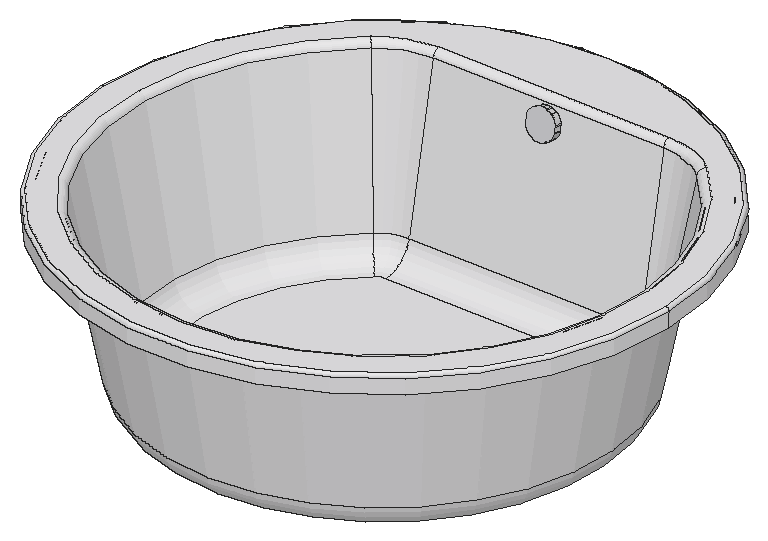
Revit family "Bath-Drop_In-KOHLER-SAPPHIRE_ROUND-K-18744T", category Plumbing Fixtures, host Face, Revit 2017
Family settings
  Host = Face
  Round Connector Dimension = Use Diameter
  Part Type = Normal
  OmniClass Number = 23.31.15.00
  OmniClass Title = Bathtubs
  Cut with Voids When Loaded = No
  Shared = No
  Room Calculation Point = No
Parameters (values of type "0-White")
  Width = 57 123/256"  # constant formula
  WaterSense Certified = 1 = 0  # no
  Waste Water Outlet = "Waste Water Outlet"  # constant formula
  Waste Connection = 1 = 1  # yes
  Vent Connection = 1 = 0  # no
  URL = "http://www.kohler.com.cn/"
  Type = 1
  Product Page URL = "https://www.kohler.com.cn/product/K-18744T-0/K-18744T-0/"
  Product Name = "SAPPHIRE ROUND"  # constant formula
  Product Documentation Link = "https://files.kohler.com.cn/pdfs/1486605754110_RI_18744T.pdf"
  Model = "K-18744T-0"  # constant formula
  Material = "Acrylic"  # constant formula
  Master Format 2014 Name = "Residential Bathtubs"  # constant formula
  Master Format 2014 = "22 41 19"  # constant formula
  Manufacturer Address = "Kohler Beijing Office (100016)36-2-03-B, No. 88, Liuxiang Road, Beijing"  # constant formula
  Manufacturer = "KOHLER Co."  # constant formula
  Length = 57 123/256"  # constant formula
  Hot Water Inlet = "Hot Water Inlet"  # constant formula
  Height = 19 3/32"  # constant formula
  HW Connection = 1 = 0  # no
  Finish = KOHLER-Acrylic-0-White
  Environmental Product Declaration = ""
  Drain Included = 1 = 1  # yes
  Description = " Sophie round acrylic bathtub (with drain)\r\n"  # constant formula
  Default Elevation = 0"
  Declare Label = ""
  Date Modified = "03/22/2021"  # constant formula
  Date Created = "03/22/2021"  # constant formula
  Copyright = "Copyright KOHLER Co."  # constant formula
  Contact Us = "http://www.kohler.com.cn/contact/contact-us/"
  Cold Water Inlet = "Cold Water Inlet"  # constant formula
  CW Connection = 1 = 0  # no
  Assembly Code = "D2010500"
  ADA Compliant = 1 = 0  # no
Reference planes (in)
  plane 1 "Center (Front/Back)": y = 0
  plane 2: z = 0
  plane 3 "Center (Left/Right)": x = 0
  plane 4: y = 28.73077
  plane 5: x = 28.74016
  plane 6: x = 25.84252
  plane 7: y = 21.4729
  plane 8: y = 17.68747
  plane 9: y = -22.03694
  plane 10: y = -25.84993
  plane 11: y = -28.74969
  plane 12: x = -28.74031
  plane 13: x = -25.84252
  plane 14: x = 21.91016
  plane 15: x = -21.91016
  plane 16: z = 1.81102
  plane 17: z = -17.28273
Forms (in)
  Extrusion 1, void
    sketch origin (0, 0, 0) x (1, 0, 0) y (0, 1, 0)
      loop
        circle (0, -0.00938) r 25.75
    from -17.28346 to 12
Dimensions and locks (in)
  "Width": plane 12 to plane 5
  "Width": plane 11 to plane 4
  "Height": plane 16 to plane 17
  aligned and locked: plane 2 to host face
  aligned and locked: level to host face
Automatic sketch dimensions
  host sketch curve to host sketch curve = 96"  (x2)
  Extrusion 1 sketch curve to plane 3 "Center (Left/Right)" = 0"
  plane 1 "Center (Front/Back)" to Extrusion 1 sketch curve = 0.00938"
  radius of Extrusion 1 sketch curve = 25 3/4"
Nested families (in)
  nested 1: "K-18744T" at (0, -0.00938, -17.28346), type "K-18744T"
Connectors (in)
  piping at (0, -0.00938, -17.1811), diameter 1.96875, driven by "Waste Connection", driven by "Waste Water Outlet"
    settings: on nested 1, index 1, connector inside diameter 24", connector length 0", flow factor 0, pipe flow 0 GPM, pressure drop 0.00 psi, fitting loss kfactor 0, connector angle 0.00°, fixture units 0, engagement length 0", angle of deflection 0.00°, flow configuration 0, flow direction 2, fitting loss method 0, system type 16, joint type 0, gender type 0, connector reference index -1, connector utility 1, adjustable connector no, is connector primary yes, connector description "Waste Water Outlet"
Definition of nested family "K-18744T"
  Parameters (values of type "K-18744T")
    material = none
  Reference planes (in)
    plane 1 "Center (Front/Back)": y = 0
    plane 2: z = 0
    plane 3 "Center (Left/Right)": x = 0
    plane 4: x = -28.74016
    plane 5: y = 28.74016
    plane 6: y = -28.74016
    plane 7: x = 28.74016
    plane 8: y = -25.84055
    plane 9: y = 21.48228
    plane 10: y = -22.02756
    plane 11: y = 17.69685
    plane 12: x = 25.84252
    plane 13: x = -25.84252
    plane 14: z = 19.09449
    plane 15: z = 17.28346
  Forms (in)
    Sweep 1, solid, material <- "material", detail levels medium+fine
      path origin (0, 0, 0) x (1, 0, 0) y (0, 1, 0)
        loop
          arc (-14.47102, 16.63342) -> (0, -22.04724) -> (14.47102, 16.63342) r 22.04724
          arc (14.47102, 16.63342) -> (13.14596, 17.42229) -> (11.62849, 17.69685) r 4.33071
          line (11.62849, 17.69685) -> (-11.62849, 17.69685)
          arc (-11.62849, 17.69685) -> (-13.14596, 17.42229) -> (-14.47102, 16.63342) r 4.33071
      profile origin (0, -22.04724, 0) x (0, 1, 0) y (0, 0, 1)
        loop
          arc (-3.00382, 18.46263) -> (-3.27695, 18.91638) -> (-3.77571, 19.09449) r 0.7874
          line (-3.77571, 19.09449) -> (-3.98377, 19.09449) -> (-3.98377, 18.85827) -> (-3.85764, 18.85827)
          arc (-3.85764, 18.85827) -> (-3.457, 18.7152) -> (-3.23761, 18.35071) r 0.6325
          line (-3.23761, 18.35071) -> (-0.23507, 3.45037)
          arc (-0.23507, 3.45037) -> (0.87798, 1.59786) -> (2.91152, 0.86616) r 3.22037
          line (2.91152, 0.86616) -> (2.91152, 1.10236)
          arc (2.91152, 1.10236) -> (1.04116, 1.77027) -> (0.01694, 3.47184) r 2.95276
          line (0.01694, 3.47184) -> (-3.00382, 18.46263)
    Sweep 2, solid, material <- "material", detail levels medium+fine
      path origin (0, 0, 0) x (1, 0, 0) y (0, 1, 0)
        loop
          circle (0, 0) r 26.03101
      profile origin (26.03101, 0, 0) x (-1, 0, 0) y (0, 0, 1)
        loop
          line (-2.70915, 17.28346) -> (-1.69193, 17.28346) -> (-1.69193, 19.09449) -> (-2.3745, 19.09449)
          arc (-2.3745, 19.09449) -> (-2.61113, 18.99647) -> (-2.70915, 18.75984) r 0.33465
          line (-2.70915, 18.75984) -> (-2.70915, 17.28346)
    Extrusion 3, solid, material <- "material", detail levels medium+fine
      sketch origin (0, 0, 0) x (1, 0, 0) y (0, 1, 0)
        loop
          circle (0, 0) r 27.72294
        loop
          line (11.62849, 21.68062) -> (-11.62849, 21.68062)
          arc (-11.62849, 21.68062) -> (-14.54186, 21.15349) -> (-17.08582, 19.63895) r 8.31448
          arc (-17.08582, 19.63895) -> (0, -26.03101) -> (17.08582, 19.63895) r 26.03101
          arc (17.08582, 19.63895) -> (14.54186, 21.15349) -> (11.62849, 21.68062) r 8.31448
      from 18.85827 to 19.09449
    Extrusion 4, solid, material <- "material", detail levels medium+fine
      sketch origin (0, 0, 0) x (1, 0, 0) y (0, 1, 0)
        loop
          arc (-11.62849, 14.78533) -> (-12.12577, 14.69536) -> (-12.56, 14.43684) r 1.41919
          arc (-12.56, 14.43684) -> (0, -19.13573) -> (12.56, 14.43684) r 19.13573
          arc (12.56, 14.43684) -> (12.12577, 14.69536) -> (11.62849, 14.78533) r 1.41919
          line (11.62849, 14.78533) -> (-11.62849, 14.78533)
      from 0.86616 to 1.10236
    Extrusion 5, solid, detail levels medium+fine
      sketch origin (0, -2.04155, 7.09004) x (1, 0, 0) y (0, 0.173648, 0.984808)
        loop
          arc (0.39122, 14.95458) -> (0.20985, 14.99134) -> (0.02535, 15.00572) r 1.51575
          arc (0.02535, 15.00572) -> (-0.18471, 14.99464) -> (-0.39122, 14.95458) r 1.51575
          arc (-0.39122, 14.95458) -> (-0.43068, 14.93933) -> (-0.46598, 14.916) r 0.19685
          arc (-0.46598, 14.916) -> (-0.66137, 14.78761) -> (-0.88012, 14.70511) r 1.0613
          arc (-0.88012, 14.70511) -> (-0.91918, 14.6905) -> (-0.95421, 14.66789) r 0.19399
          arc (-0.95421, 14.66789) -> (-1.27006, 14.31749) -> (-1.46289, 13.88696) r 1.51575
          arc (-1.46289, 13.88696) -> (-1.4697, 13.84003) -> (-1.46509, 13.79283) r 0.19685
          arc (-1.46509, 13.79283) -> (-1.44035, 13.53196) -> (-1.48017, 13.27296) r 1.06299
          arc (-1.48017, 13.27296) -> (-1.48751, 13.22611) -> (-1.48343, 13.17886) r 0.19685
          arc (-1.48343, 13.17886) -> (-1.3377, 12.77742) -> (-1.08578, 12.43256) r 1.51575
          arc (-1.08578, 12.43256) -> (-1.05323, 12.40564) -> (-1.01568, 12.38628) r 0.19685
          arc (-1.01568, 12.38628) -> (-0.80848, 12.2788) -> (-0.62973, 12.1287) r 1.06299
          arc (-0.62973, 12.1287) -> (-0.59745, 12.10145) -> (-0.5601, 12.08172) r 0.19685
          arc (-0.5601, 12.08172) -> (-0.20297, 11.98809) -> (0.1662, 11.98358) r 1.51575
          arc (0.1662, 11.98358) -> (0.36645, 12.0194) -> (0.5601, 12.08172) r 1.51575
          arc (0.5601, 12.08172) -> (0.59745, 12.10145) -> (0.62973, 12.1287) r 0.19685
          arc (0.62973, 12.1287) -> (0.80848, 12.2788) -> (1.01568, 12.38628) r 1.06299
          arc (1.01568, 12.38628) -> (1.05323, 12.40564) -> (1.08578, 12.43256) r 0.19685
          arc (1.08578, 12.43256) -> (1.3377, 12.77742) -> (1.48343, 13.17886) r 1.51575
          arc (1.48343, 13.17886) -> (1.48751, 13.22611) -> (1.48017, 13.27296) r 0.19685
          arc (1.48017, 13.27296) -> (1.44035, 13.53196) -> (1.46509, 13.79283) r 1.06299
          arc (1.46509, 13.79283) -> (1.4697, 13.84003) -> (1.46289, 13.88696) r 0.19685
          arc (1.46289, 13.88696) -> (1.27006, 14.31749) -> (0.95421, 14.66789) r 1.51575
          arc (0.95421, 14.66789) -> (0.91918, 14.6905) -> (0.88012, 14.70511) r 0.19399
          arc (0.88012, 14.70511) -> (0.66137, 14.78761) -> (0.46598, 14.916) r 1.0613
          arc (0.46598, 14.916) -> (0.43068, 14.93933) -> (0.39122, 14.95458) r 0.19685
      from -20.51968 to -19.72341
    Revolve 6, solid, material <- "material", detail levels medium+fine
      sketch origin (0, 0, 0) x (0, 1, 0) y (0, 0, 1)
        loop
          line (12.04633, 0.86616) -> (12.04633, 0) -> (12.20659, 0) -> (12.20659, 0.86616) -> (12.04633, 0.86616)
        axis (11.03748, 0.86616) -> (11.03748, 0)
      angle from 0 to 360
    Revolve 7, solid, material <- "material", detail levels medium+fine
      sketch origin (-14.45814, -2.70676, 0) x (0, 1, 0) y (0, 0, 1)
        loop
          line (12.04633, 0.86616) -> (12.04633, 0) -> (12.20659, 0) -> (12.20659, 0.86616) -> (12.04633, 0.86616)
        axis (11.03748, 0.86616) -> (11.03748, 0)
      angle from 0 to 360
    Revolve 8, solid, material <- "material", detail levels medium+fine
      sketch origin (-14.46889, -19.38777, 0) x (0, 1, 0) y (0, 0, 1)
        loop
          line (12.04633, 0.86616) -> (12.04633, 0) -> (12.20659, 0) -> (12.20659, 0.86616) -> (12.04633, 0.86616)
        axis (11.03748, 0.86616) -> (11.03748, 0)
      angle from 0 to 360
    Revolve 9, solid, material <- "material", detail levels medium+fine
      sketch origin (0, -5.65945, 0) x (0, -1, 0) y (0, 0, 1)
        loop
          line (12.04633, 0.86616) -> (12.04633, 0) -> (12.20659, 0) -> (12.20659, 0.86616) -> (12.04633, 0.86616)
        axis (11.03748, 0.86616) -> (11.03748, 0)
      angle from 0 to 360
    Revolve 10, solid, material <- "material", detail levels medium+fine
      sketch origin (14.45814, -2.70676, 0) x (0, 1, 0) y (0, 0, -1)
        loop
          line (12.04633, -0.86616) -> (12.20659, -0.86616) -> (12.20659, 0) -> (12.04633, 0) -> (12.04633, -0.86616)
        axis (11.03748, -0.86616) -> (11.03748, 0)
      angle from 0 to 360
    Revolve 11, solid, material <- "material", detail levels medium+fine
      sketch origin (14.46889, -19.38777, 0) x (0, 1, 0) y (0, 0, -1)
        loop
          line (12.04633, -0.86616) -> (12.20659, -0.86616) -> (12.20659, 0) -> (12.04633, 0) -> (12.04633, -0.86616)
        axis (11.03748, -0.86616) -> (11.03748, 0)
      angle from 0 to 360
    Revolve 12, solid, detail levels medium+fine
      sketch origin (0, 0, 0) x (0, 1, 0) y (0, 0, 1)
        loop
          line (0, 0) -> (0, 2.13616)
          arc (0, 2.13616) -> (-0.50608, 2.0952) -> (-0.99968, 1.97624) r 3.26383
          arc (-0.99968, 1.97624) -> (-1.01369, 1.95336) -> (-0.99329, 1.93593) r 0.02066
          line (-0.99329, 1.93593) -> (-0.56894, 1.93593) -> (-0.56894, 1.75877) -> (-0.62586, 1.75877) -> (-0.62586, 1.68003) -> (-0.16034, 1.68003) -> (-0.16034, 0.65466) -> (-0.79878, 0.65466)
          arc (-0.79878, 0.65466) -> (-0.81551, 0.66108) -> (-0.82365, 0.67705) r 0.02501
          line (-0.82365, 0.67705) -> (-0.84187, 0.85041)
          arc (-0.84187, 0.85041) -> (-0.87453, 0.92126) -> (-0.94357, 0.95758) r 0.12135
          line (-0.94357, 0.95758) -> (-1.34282, 1.02082)
          arc (-1.34282, 1.02082) -> (-1.36742, 1.00294) -> (-1.34955, 0.97835) r 0.0215
          line (-1.34955, 0.97835) -> (-0.95249, 0.91546)
          arc (-0.95249, 0.91546) -> (-0.90916, 0.8929) -> (-0.88812, 0.8488) r 0.07699
          line (-0.88812, 0.8488) -> (-0.87474, 0.73981) -> (-1.17823, 0.73981)
          arc (-1.17823, 0.73981) -> (-1.29939, 0.7624) -> (-1.40427, 0.82712) r 0.33625
          arc (-1.40427, 0.82712) -> (-1.51046, 0.90267) -> (-1.63146, 0.95108) r 0.54945
          line (-1.63146, 0.95108) -> (-1.63146, 0.91826)
          arc (-1.63146, 0.91826) -> (-1.50753, 0.86386) -> (-1.39755, 0.78498) r 0.65019
          arc (-1.39755, 0.78498) -> (-1.2979, 0.7246) -> (-1.1833, 0.70355) r 0.32256
          line (-1.1833, 0.70355) -> (-0.87142, 0.70355) -> (-0.86245, 0.6527)
          arc (-0.86245, 0.6527) -> (-0.84534, 0.62306) -> (-0.81318, 0.61135) r 0.05003
          line (-0.81318, 0.61135) -> (-0.75428, 0.61135) -> (-0.75428, 0.5523) -> (-0.16034, 0.5523) -> (-0.16034, 0.36896) -> (-0.08983, 0.36896) -> (-0.08983, 0.10236) -> (-0.15727, 0.10236) -> (-0.15727, 0) -> (0, 0)
        axis (0, 2.13616) -> (0, 0)
      angle from 0 to 360
    Revolve 13, void
      sketch origin (0, 0, 0) x (0, 1, 0) y (0, 0, 1)
        loop
          line (-1.24853, 0.93977) -> (-1.11072, 0.93977)
          arc (-1.11072, 0.93977) -> (-1.02404, 0.93268) -> (-0.93966, 0.91161) r 0.53354
          arc (-0.93966, 0.91161) -> (-0.89553, 0.87558) -> (-0.88592, 0.81943) r 0.08123
          line (-0.88592, 0.81943) -> (0, 0.81943) -> (0, 1.10873) -> (-1.58751, 1.10873)
          arc (-1.58751, 1.10873) -> (-1.47175, 1.08418) -> (-1.38133, 1.00784) r 0.24289
          arc (-1.38133, 1.00784) -> (-1.32314, 0.95778) -> (-1.24853, 0.93977) r 0.16358
        axis (0, 1.10873) -> (0, 0.81943)
      angle from 0 to 360
    Extrusion 14, void
      sketch origin (0, 0, 0) x (1, 0, 0) y (0, 1, 0)
        loop
          line (0.05306, 0.57541) -> (0.05265, 0.38945)
          arc (0.05265, 0.38945) -> (0.06731, 0.34353) -> (0.10598, 0.31475) r 0.07874
          arc (0.10598, 0.31475) -> (0.16388, 0.28789) -> (0.21486, 0.24947) r 0.30239
          arc (0.21486, 0.24947) -> (0.25958, 0.22878) -> (0.30784, 0.23872) r 0.07874
          line (0.30784, 0.23872) -> (0.47286, 0.33351)
          arc (0.47286, 0.33351) -> (0.51178, 0.39212) -> (0.48833, 0.45844) r 0.07874
          arc (0.48833, 0.45844) -> (0.33268, 0.57546) -> (0.1532, 0.65102) r 0.7929
          arc (0.1532, 0.65102) -> (0.08435, 0.63809) -> (0.05306, 0.57541) r 0.07874
        loop
          arc (0.05306, -0.57541) -> (0.08435, -0.63809) -> (0.1532, -0.65102) r 0.07874
          arc (0.1532, -0.65102) -> (0.33268, -0.57546) -> (0.48833, -0.45844) r 0.7929
          arc (0.48833, -0.45844) -> (0.51178, -0.39212) -> (0.47286, -0.33351) r 0.07874
          line (0.47286, -0.33351) -> (0.30784, -0.23872)
          arc (0.30784, -0.23872) -> (0.25958, -0.22878) -> (0.21486, -0.24947) r 0.07874
          arc (0.21486, -0.24947) -> (0.16388, -0.28789) -> (0.10598, -0.31475) r 0.30239
          arc (0.10598, -0.31475) -> (0.06731, -0.34353) -> (0.05265, -0.38945) r 0.07874
          line (0.05265, -0.38945) -> (0.05306, -0.57541)
        loop
          line (0.54163, 0.24222) -> (0.37829, 0.15333)
          arc (0.37829, 0.15333) -> (0.34504, 0.11843) -> (0.33835, 0.07069) r 0.07874
          arc (0.33835, 0.07069) -> (0.34257, 0.007) -> (0.33333, -0.05616) r 0.30239
          arc (0.33333, -0.05616) -> (0.33664, -0.10532) -> (0.36852, -0.14289) r 0.07874
          line (0.36852, -0.14289) -> (0.53088, -0.24217)
          arc (0.53088, -0.24217) -> (0.60097, -0.24819) -> (0.6479, -0.19579) r 0.07874
          arc (0.6479, -0.19579) -> (0.67587, -0.00308) -> (0.65602, 0.19064) r 0.7929
          arc (0.65602, 0.19064) -> (0.61164, 0.24484) -> (0.54163, 0.24222) r 0.07874
        loop
          arc (-0.05306, 0.57541) -> (-0.08435, 0.63809) -> (-0.1532, 0.65102) r 0.07874
          arc (-0.1532, 0.65102) -> (-0.33268, 0.57546) -> (-0.48833, 0.45844) r 0.7929
          arc (-0.48833, 0.45844) -> (-0.51178, 0.39212) -> (-0.47286, 0.33351) r 0.07874
          line (-0.47286, 0.33351) -> (-0.30784, 0.23872)
          arc (-0.30784, 0.23872) -> (-0.25958, 0.22878) -> (-0.21486, 0.24947) r 0.07874
          arc (-0.21486, 0.24947) -> (-0.16388, 0.28789) -> (-0.10598, 0.31475) r 0.30239
          arc (-0.10598, 0.31475) -> (-0.06731, 0.34353) -> (-0.05265, 0.38945) r 0.07874
          line (-0.05265, 0.38945) -> (-0.05306, 0.57541)
        loop
          line (-0.05306, -0.57541) -> (-0.05265, -0.38945)
          arc (-0.05265, -0.38945) -> (-0.06731, -0.34353) -> (-0.10598, -0.31475) r 0.07874
          arc (-0.10598, -0.31475) -> (-0.16388, -0.28789) -> (-0.21486, -0.24947) r 0.30239
          arc (-0.21486, -0.24947) -> (-0.25958, -0.22878) -> (-0.30784, -0.23872) r 0.07874
          line (-0.30784, -0.23872) -> (-0.47286, -0.33351)
          arc (-0.47286, -0.33351) -> (-0.51178, -0.39212) -> (-0.48833, -0.45844) r 0.07874
          arc (-0.48833, -0.45844) -> (-0.33268, -0.57546) -> (-0.1532, -0.65102) r 0.7929
          arc (-0.1532, -0.65102) -> (-0.08435, -0.63809) -> (-0.05306, -0.57541) r 0.07874
        loop
          arc (-0.54163, 0.24222) -> (-0.61164, 0.24484) -> (-0.65602, 0.19064) r 0.07874
          arc (-0.65602, 0.19064) -> (-0.67587, -0.00308) -> (-0.6479, -0.19579) r 0.7929
          arc (-0.6479, -0.19579) -> (-0.60097, -0.24819) -> (-0.53088, -0.24217) r 0.07874
          line (-0.53088, -0.24217) -> (-0.36852, -0.14289)
          arc (-0.36852, -0.14289) -> (-0.33664, -0.10532) -> (-0.33333, -0.05616) r 0.07874
          arc (-0.33333, -0.05616) -> (-0.34257, 0.007) -> (-0.33835, 0.07069) r 0.30239
          arc (-0.33835, 0.07069) -> (-0.34504, 0.11843) -> (-0.37829, 0.15333) r 0.07874
          line (-0.37829, 0.15333) -> (-0.54163, 0.24222)
      from 0.42842 to 1.0535
    Revolve 15, solid, material <- "material", detail levels coarse
      sketch origin (0, 0, 0) x (1, 0, 0) y (0, 0, 1)
        loop
          line (0, 0) -> (21.83729, 0) -> (25.19685, 17.28346) -> (28.74016, 17.28346) -> (28.74016, 19.09449) -> (0, 19.09449) -> (0, 0)
        axis (0, 19.09449) -> (0, 0)
      angle from 0 to 360
    Extrusion 16, void
      sketch origin (0, 0, 0) x (1, 0, 0) y (0, 1, 0)
        loop
          arc (-14.66642, 16.26868) -> (0, -21.74728) -> (14.66642, 16.26868) r 21.8371
          arc (14.66642, 16.26868) -> (12.94844, 17.32743) -> (10.96453, 17.69685) r 5.51181
          line (10.96453, 17.69685) -> (-10.96453, 17.69685)
          arc (-10.96453, 17.69685) -> (-12.94844, 17.32743) -> (-14.66642, 16.26868) r 5.51181
      from 3.867 to 19.20142
  Cuts and joins
    Revolve 13 cuts Extrusion 4
    joined: Sweep 1, Sweep 2, Extrusion 3, Extrusion 4, Revolve 6, Revolve 7, Revolve 8, Revolve 9, Revolve 10, Revolve 11
    Extrusion 14 cuts Revolve 12
    joined: Extrusion 5, Revolve 12
    Extrusion 16 cuts Revolve 15
  Lines and regions (in)
    Masking region 1
      outline origin (0, 0, 0) x (0, 1, 0) y (0, 0, 1)
        loop
          line (28.74016, 17.28346) -> (28.74016, 18.76858)
          arc (28.74016, 18.76858) -> (28.6447, 18.99903) -> (28.41425, 19.09449) r 0.32591
          line (28.41425, 19.09449) -> (-20.7163, 19.09449) -> (-28.41425, 19.09449)
          arc (-28.41425, 19.09449) -> (-28.6447, 18.99903) -> (-28.74016, 18.76858) r 0.32591
          line (-28.74016, 18.76858) -> (-28.74016, 17.28346) -> (-25.05279, 17.28346) -> (-22.25515, 3.31344)
          arc (-22.25515, 3.31344) -> (-21.11741, 1.55095) -> (-19.1345, 0.86616) r 3.21329
          line (-19.1345, 0.86616) -> (-17.86604, 0.86616) -> (-17.86604, 0) -> (-15.52781, 0) -> (-15.52781, 0.86616) -> (-9.52444, 0.86616) -> (-9.52444, 0) -> (-7.1862, 0) -> (-7.1862, 0.86616) -> (-1.51233, 0.86616)
          arc (-1.51233, 0.86616) -> (-1.45665, 0.83155) -> (-1.40551, 0.79052) r 0.54669
          arc (-1.40551, 0.79052) -> (-1.30085, 0.72605) -> (-1.17999, 0.70355) r 0.33588
          line (-1.17999, 0.70355) -> (-0.87142, 0.70355) -> (-0.86362, 0.65865)
          arc (-0.86362, 0.65865) -> (-0.84658, 0.62493) -> (-0.81133, 0.61135) r 0.05255
          line (-0.81133, 0.61135) -> (-0.75428, 0.61135) -> (-0.75428, 0.5523) -> (-0.16034, 0.5523) -> (-0.16034, 0.36896) -> (-0.08983, 0.36896) -> (-0.08983, 0.10236) -> (-0.15727, 0.10236) -> (-0.15727, 0) -> (0, 0) -> (0.15727, 0) -> (0.15727, 0.10236) -> (0.08983, 0.10236) -> (0.08983, 0.36896) -> (0.16034, 0.36896) -> (0.16034, 0.5523) -> (0.75428, 0.5523) -> (0.75428, 0.61135) -> (0.81133, 0.61135)
          arc (0.81133, 0.61135) -> (0.84658, 0.62493) -> (0.86362, 0.65865) r 0.05255
          line (0.86362, 0.65865) -> (0.87142, 0.70355) -> (1.17999, 0.70355)
          arc (1.17999, 0.70355) -> (1.30085, 0.72605) -> (1.40551, 0.79052) r 0.33588
          arc (1.40551, 0.79052) -> (1.45665, 0.83155) -> (1.51233, 0.86616) r 0.54669
          line (1.51233, 0.86616) -> (7.1616, 0.86616) -> (7.1616, 0) -> (9.49983, 0) -> (9.49983, 0.86616) -> (9.86836, 0.86616) -> (9.86836, 0) -> (12.20659, 0) -> (12.20659, 0.86616) -> (14.78533, 0.86616)
          arc (14.78533, 0.86616) -> (16.76824, 1.55095) -> (17.90599, 3.31344) r 3.21329
          line (17.90599, 3.31344) -> (20.70363, 17.28346) -> (28.74016, 17.28346)
    Masking region 2
      outline origin (0, 0, 0) x (1, 0, 0) y (0, 1, 0)
        loop
          circle (0, 0) r 28.74016
    Masking region 3
      outline origin (0, 0, 0) x (1, 0, 0) y (0, 0, 1)
        loop
          line (-28.74016, 17.28346) -> (-25.07159, 17.28346) -> (-22.31513, 3.5816)
          arc (-22.31513, 3.5816) -> (-21.22632, 1.63741) -> (-19.13573, 0.86616) r 3.21904
          line (-19.13573, 0.86616) -> (-15.62726, 0.86616) -> (-15.62726, 0) -> (-13.29977, 0) -> (-13.29977, 0.86616) -> (-1.51279, 0.86616)
          arc (-1.51279, 0.86616) -> (-1.4584, 0.83416) -> (-1.40914, 0.79472) r 0.44098
          arc (-1.40914, 0.79472) -> (-1.37855, 0.76935) -> (-1.34539, 0.74744) r 0.36648
          arc (-1.34539, 0.74744) -> (-1.26041, 0.7128) -> (-1.16912, 0.70349) r 0.32271
          line (-1.16912, 0.70349) -> (-1.16912, 0) -> (0, 0) -> (1.16912, 0) -> (1.16912, 0.70349)
          arc (1.16912, 0.70349) -> (1.26041, 0.7128) -> (1.34539, 0.74744) r 0.32271
          arc (1.34539, 0.74744) -> (1.37855, 0.76935) -> (1.40914, 0.79472) r 0.36648
          arc (1.40914, 0.79472) -> (1.4584, 0.83416) -> (1.51279, 0.86616) r 0.44098
          line (1.51279, 0.86616) -> (13.29977, 0.86616) -> (13.29977, 0) -> (15.62726, 0) -> (15.62726, 0.86616) -> (19.13573, 0.86616)
          arc (19.13573, 0.86616) -> (21.22632, 1.63741) -> (22.31513, 3.5816) r 3.21904
          line (22.31513, 3.5816) -> (25.07159, 17.28346) -> (28.74016, 17.28346) -> (28.74016, 18.76378)
          arc (28.74016, 18.76378) -> (28.6433, 18.99763) -> (28.40945, 19.09449) r 0.33071
          line (28.40945, 19.09449) -> (0, 19.09449) -> (-28.40945, 19.09449)
          arc (-28.40945, 19.09449) -> (-28.6433, 18.99763) -> (-28.74016, 18.76378) r 0.33071
          line (-28.74016, 18.76378) -> (-28.74016, 17.28346)
    symbolic lines, detail levels medium+fine
      curve 1: line (0, 9.86836, 0.86616) -> (0, 12.20659, 0.86616)
      curve 2: line (0, 9.49983, 0.86616) -> (0, 7.1616, 0.86616)
      curve 3: line (0, -1.51233, 0.86616) -> (0, 1.51233, 0.86616)
      curve 4: line (0, 0.87142, 0.70355) -> (0, -0.87142, 0.70355)
      curve 5: line (0, 0.75428, 0.61135) -> (0, -0.75428, 0.61135)
      curve 6: line (0, 0.08983, 0.36896) -> (0, -0.08983, 0.36896)
      curve 7: line (0, 0.16034, 0.5523) -> (0, -0.16034, 0.5523)
      curve 8: line (0, 0.08983, 0.10236) -> (0, -0.08983, 0.10236)
      curve 9: line (0, -17.86604, 0.86616) -> (0, -15.52781, 0.86616)
      curve 10: line (0, -7.18117, 0.86616) -> (0, -9.52444, 0.86616)
      curve 11: line (0, -25.05279, 17.28346) -> (0, 20.70363, 17.28346)
      curve 16: circle (0, 0, 0) r 27.72294 normal (0, 0, 1)
      curve 17: arc (-1.44357, 19.79894, 0) -> (-0.01034, 19.99077, 0) -> (1.42324, 19.80158, 0) r 5.48767
      curve 18: arc (-1.44363, 19.64817, 0) -> (-0.01022, 19.45608, 0) -> (1.42337, 19.64678, 0) r 5.46396
      curve 19: arc (1.42337, 19.64678, 0) -> (1.48255, 19.72422, 0) -> (1.42324, 19.80158, 0) r 0.08018
      curve 20: arc (-1.44363, 19.64817, 0) -> (-1.50122, 19.72358, 0) -> (-1.44357, 19.79894, 0) r 0.07812
      curve 21: line (-1.50122, 19.72355, 0) -> (-1.50122, 20.60854, 0)
      curve 22: line (1.48255, 19.72422, 0) -> (1.48255, 20.60854, 0)
      curve 23: arc (1.48255, 20.60854, 0) -> (-0.00934, 20.77219, 0) -> (-1.50122, 20.60854, 0) r 6.88201
      curve 25: arc (0, 1.52254, 0) -> (1.52254, 0, 0) -> (0, -1.52254, 0) r 1.52254
      curve 26: arc (0, -1.52254, 0) -> (-1.52254, 0, 0) -> (0, 1.52254, 0) r 1.52254
      curve 27: line (-25.07159, 0, 17.28346) -> (25.07159, 0, 17.28346)
      curve 28: line (-15.62726, 0, 0.86616) -> (-13.28902, 0, 0.86616)
      curve 29: line (-1.51279, 0, 0.86616) -> (1.51279, 0, 0.86616)
      curve 30: line (-1.16912, 0, 0.70349) -> (-1.16912, 0, 0.86616)
      curve 31: line (1.16912, 0, 0.70349) -> (1.16912, 0, 0.86616)
      curve 32: line (15.62726, 0, 0.86616) -> (13.28902, 0, 0.86616)
      curve 33: arc (-14.66642, 16.26868, 0) -> (0, -21.74728, 0) -> (14.66642, 16.26868, 0) r 21.8371
      curve 34: line (-10.96453, 17.69685, 0) -> (10.96453, 17.69685, 0)
      curve 35: arc (14.66642, 16.26868, 0) -> (12.94844, 17.32743, 0) -> (10.96453, 17.69685, 0) r 5.51181
      curve 36: arc (-10.96453, 17.69685, 0) -> (-12.94844, 17.32743, 0) -> (-14.66642, 16.26868, 0) r 5.51181
    symbolic lines
      curve 12: arc (-15.59778, 20.60449, 0) -> (0, -25.84252, 0) -> (15.59778, 20.60449, 0) r 25.84252
      curve 13: line (-12.98389, 21.48228, 0) -> (12.98389, 21.48228, 0)
      curve 14: arc (12.98389, 21.48228, 0) -> (14.36256, 21.25697, 0) -> (15.59778, 20.60449, 0) r 4.33071
      curve 15: arc (-12.98389, 21.48228, 0) -> (-14.36256, 21.25697, 0) -> (-15.59778, 20.60449, 0) r 4.33071
      curve 24: circle (0, 0, 0) r 0.89083 normal (0, 0, 1)
  Dimensions and locks (in)
    plane 5 to plane 6 = 57.48031"
    plane 13 to plane 12 = 51.68504"
    plane 8 to plane 9 = 47.32283"
    plane 11 to plane 10 = 39.72441"
    plane 15 to plane 14 = 1.81102"
    level to plane 14 = 19.09449"
    aligned and locked: plane 2 to level
